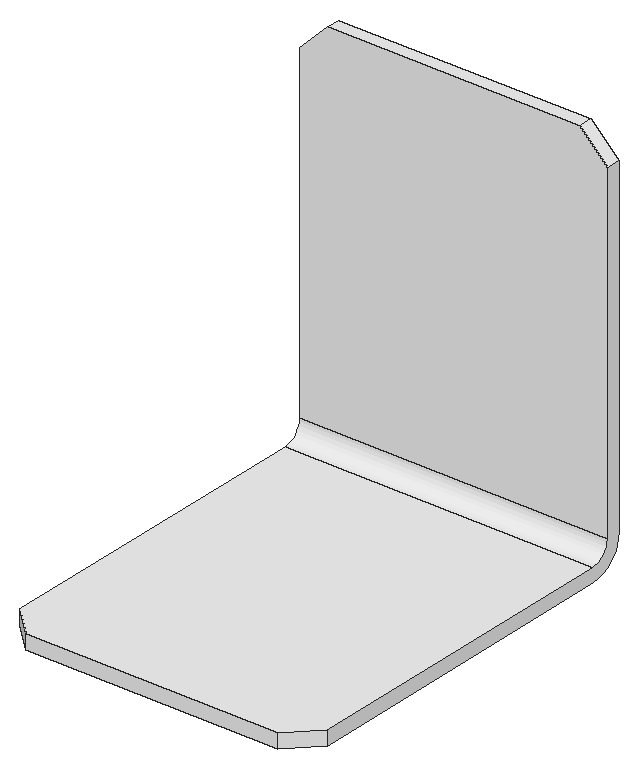
Revit family "JOMA_470", category Structural Connections, host Face, Revit 2012
Parameters (values of type "470M000")
  t = 2.500 mm
  l = 70.000 mm
  h = 70.000 mm
  b = 55.000 mm
  Vikt = "0,132"
  Utan förstärkning = not(Med förstärkning)  # no
  Typ = "VINKEL 470M000"
  Spikmönster α꞊0° [instance] = no
  Spikmönster Bult α꞊0° [instance] = no
  Spik/skruv [instance] = "ANKARSPIK 4,0x40"
  Med förstärkning = yes
  Material = Varmförzinkad stålplåt
  Länk Joma Dimensioneringsverktyg = "http://www.joma.se/dimensioneringsverktyg"
  Default Elevation = 0.000 mm
  Bult (betong) [instance] = "BULT M10"
  Antal spik/skruv i virkesdel B [instance] = if(and(Spikmönster α꞊0°, Med förstärkning), 6, if(and(Spikmönster Bult α꞊0°, Med förstärkning), 1, if(and(Spikmönster α꞊0°, Utan förstärkning), 6, if(and(Spikmönster Bult α꞊0°, Utan förstärkning), 1, 0))))  # 0
  Antal spik/skruv i virkesdel A [instance] = if(and(Spikmönster α꞊0°, Med förstärkning), 4, if(and(Spikmönster Bult α꞊0°, Med förstärkning), 4, if(and(Spikmönster α꞊0°, Utan förstärkning), 4, if(and(Spikmönster Bult α꞊0°, Utan förstärkning), 4, 0))))  # 0
  470 Spikmönster α꞊0° [instance] = and(Spikmönster α꞊0°, not(Spikmönster Bult α꞊0°))  # no
  470 Spikmönster Bult α꞊0° [instance] = and(Spikmönster Bult α꞊0°, not(Spikmönster α꞊0°))  # no
Types (4, lengths in mm): name | t | Vikt | Utan förstärkning | Typ | Med förstärkning
  470U000 | 2.500 | "0,13" | yes | "VINKEL 470U000" | no
  470M000 | 2.500 | "0,132" | no | "VINKEL 470M000" | yes
  470M002 | 2.000 | "0,132" | no | "VINKEL 470M002" | yes
  470U002 | 2.000 | "0,13" | yes | "VINKEL 470U002" | no
Reference planes
  plane 1 "Center (Front/Back)": y = 0
  plane 2: z = 0
  plane 3 "Center (Left/Right)": x = 0
  plane 4: x = -27.5
  plane 5: x = 27.5
  plane 6: y = -70
  plane 7: z = 70
Forms (mm)
  Extrusion 1, solid, material "Varmförzinkad stålplåt" <- "Material"
    sketch origin (0, 0, 0) x (0, 1, 0) y (0, 0, 1)
      loop
        line (0, 70) -> (-2.5, 70) -> (-2.5, 5.702)
        arc (-2.5, 5.702) -> (-3.438, 3.438) -> (-5.702, 2.5) r 3.203
        line (-5.702, 2.5) -> (-70, 2.5) -> (-70, 0) -> (-5.702, 0)
        arc (-5.702, 0) -> (-1.67, 1.67) -> (0, 5.702) r 5.702
        line (0, 5.702) -> (0, 70)
    from -27.5 to 27.5
  Extrusion 2, void
    sketch origin (0, 0, 0) x (1, 0, 0) y (0, 1, 0)
      loop
        line (27.5, -70) -> (27.5, -65) -> (22.5, -70) -> (27.5, -70)
      loop
        line (-27.5, -70) -> (-22.5, -70) -> (-27.5, -65) -> (-27.5, -70)
    from 0 to 2.5 <- "t"
  Extrusion 3, void
    sketch origin (0, 0, 0) x (1, 0, 0) y (0, 0, 1)
      loop
        line (27.5, 70) -> (22.5, 70) -> (27.5, 65) -> (27.5, 70)
      loop
        line (-27.5, 70) -> (-27.5, 65) -> (-22.5, 70) -> (-27.5, 70)
    from 0 to 2.5 <- "t"
Cuts and joins
  Extrusion 2, Extrusion 3 cuts Extrusion 1
Lines and regions (mm)
  symbolic lines, style "StructConnections"
    curve 1: circle (-20, 0, 62.5) r 2.5 normal (0, -1, 0)
    curve 2: circle (0, 0, 62.5) r 2.5 normal (0, -1, 0)
    curve 3: circle (20, 0, 62.5) r 2.5 normal (0, -1, 0)
    curve 4: circle (-15, 0, 33) r 2.5 normal (0, -1, 0)
    curve 5: circle (-20, 0, 14.5) r 2.5 normal (0, -1, 0)
    curve 6: circle (15, 0, 33) r 2.5 normal (0, 1, 0)
    curve 7: circle (20, 0, 14.5) r 2.5 normal (0, 1, 0)
    curve 8: circle (0, 0, 44) r 5.5 normal (0, -1, 0)
    curve 13: circle (-20, -62.5, 0) r 2.5 normal (0, 0, 1)
    curve 14: circle (0, -62.5, 0) r 2.5 normal (0, 0, 1)
    curve 15: circle (20, -62.5, 0) r 2.5 normal (0, 0, 1)
    curve 16: circle (-15, -33, 0) r 2.5 normal (0, 0, 1)
    curve 17: circle (-20, -14.5, 0) r 2.5 normal (0, 0, 1)
    curve 18: circle (15, -33, 0) r 2.5 normal (0, 0, -1)
    curve 19: circle (20, -14.5, 0) r 2.5 normal (0, 0, -1)
    curve 20: circle (0, -44, 0) r 5.5 normal (0, 0, 1)
  symbolic lines, visible <- "Med förstärkning"
    curve 9: arc (-7.755, 0, 2.451) -> (0, 0, 9.418) -> (7.755, 0, 2.451) r 7.8
    curve 10: line (4.85, 0, 29.5) -> (7.755, 0, 2.451)
    curve 11: line (-4.85, 0, 29.5) -> (-7.755, 0, 2.451)
    curve 12: arc (-4.85, 0, 29.5) -> (0, 0, 34.35) -> (4.85, 0, 29.5) r 4.85
    curve 21: line (-7.75, -2.5, 0) -> (-4.85, -29.5, 0)
    curve 22: line (7.75, -2.5, 0) -> (4.85, -29.5, 0)
    curve 23: arc (-4.85, -29.5, 0) -> (0, -34.35, 0) -> (4.85, -29.5, 0) r 4.85
    curve 24: arc (-7.75, -2.5, 0) -> (0, -9.418, 0) -> (7.75, -2.5, 0) r 7.8
    curve 25: line (0, -2.5, 33) -> (0, -8.718, 12.086)
    curve 26: arc (0, -8.718, 12.086) -> (0, -9.975, 9.975) -> (0, -12.086, 8.718) r 5
    curve 27: line (0, -33, 2.5) -> (0, -12.086, 8.718)
Text (mm)
  text "Virkesdel B/Betong" at (200.613, -8.4, 0), in view "Ref. Level"
  text "Virkesdel A" at (237.215, 0, 99.125), in view "Front"
Dimensions and locks
  "b": plane 5 to plane 4
  "l": plane 1 "Center (Front/Back)" to plane 6
  "h": plane 7 to host face
  equal spacing: plane 5, plane 3 "Center (Left/Right)", plane 4
  "t": plane 1 "Center (Front/Back)" to Extrusion 1
  "t": Extrusion 1 to host face
  aligned and locked: plane 2 to host face
  aligned and locked: level to host face
  aligned and locked: plane 5 to Extrusion 1
  aligned and locked: Extrusion 1 to plane 4
  aligned and locked: Extrusion 1 to plane 6
  aligned and locked: plane 7 to Extrusion 1
  aligned and locked: cut or joined group of Extrusion 1, Extrusion 2, Extrusion 3 to curve 25
  aligned and locked: cut or joined group of Extrusion 1, Extrusion 2, Extrusion 3 to curve 27
Automatic sketch dimensions
  host sketch curve to host sketch curve = 2438.400 mm  (x2)
  curve 20 to plane 3 "Center (Left/Right)" = 0.000 mm
  curve 14 to plane 3 "Center (Left/Right)" = 0.000 mm
  curve 24 to plane 3 "Center (Left/Right)" = 0.000 mm
  curve 23 to plane 3 "Center (Left/Right)" = 0.000 mm
  curve 23 to curve 23 = 4.850 mm
  plane 1 "Center (Front/Back)" to curve 24 = 2.500 mm  (x2)
  curve 24 to plane 3 "Center (Left/Right)" = 7.750 mm
  curve 16 to curve 23 = 10.150 mm
  plane 4 to curve 13 = 7.500 mm
  plane 4 to curve 17 = 7.500 mm
  curve 22 to curve 18 = 10.150 mm
  curve 19 to plane 5 = 7.500 mm
  curve 15 to plane 5 = 7.500 mm
  plane 6 to curve 15 = 7.500 mm
  plane 6 to curve 14 = 7.500 mm
  plane 6 to curve 13 = 7.500 mm
  curve 14 to curve 20 = 18.500 mm
  curve 20 to curve 18 = 11.000 mm
  curve 20 to curve 16 = 11.000 mm
  curve 20 to curve 23 = 14.500 mm
  plane 1 "Center (Front/Back)" to curve 17 = 14.500 mm
  plane 1 "Center (Front/Back)" to curve 19 = 14.500 mm
  plane 1 "Center (Front/Back)" to curve 24 = 1.618 mm
  curve 9 to plane 3 "Center (Left/Right)" = 0.000 mm
  curve 12 to plane 3 "Center (Left/Right)" = 0.000 mm
  curve 2 to plane 3 "Center (Left/Right)" = 0.000 mm
  curve 8 to plane 3 "Center (Left/Right)" = 0.000 mm
  curve 11 to curve 12 = 4.850 mm
  level to curve 11 = 2.451 mm
  curve 11 to plane 3 "Center (Left/Right)" = 7.755 mm
  curve 4 to curve 11 = 10.150 mm
  plane 4 to curve 1 = 7.500 mm
  plane 4 to curve 5 = 7.500 mm
  level to curve 9 = 2.451 mm
  curve 10 to curve 6 = 10.150 mm
  curve 7 to plane 5 = 7.500 mm
  curve 3 to plane 5 = 7.500 mm
  level to curve 9 = 1.618 mm
  level to curve 5 = 14.500 mm
  level to curve 7 = 14.500 mm
  curve 5 to curve 12 = 15.000 mm
  curve 11 to curve 4 = 3.500 mm
  curve 10 to curve 6 = 3.500 mm
  curve 12 to curve 8 = 14.500 mm
  curve 3 to plane 7 = 7.500 mm
  curve 2 to plane 7 = 7.500 mm
  curve 1 to plane 7 = 7.500 mm
  Extrusion 1 sketch curve to plane 6 = 0.000 mm
  Extrusion 1 sketch curve to level = 0.000 mm
  Extrusion 1 sketch curve to plane 7 = 0.000 mm
  Extrusion 1 sketch curve to plane 1 "Center (Front/Back)" = 0.000 mm
  plane 1 "Center (Front/Back)" to Extrusion 1 sketch curve = 5.702 mm
  Extrusion 1 sketch curve to Extrusion 1 sketch curve = 0.000 mm  (x3)
  plane 1 "Center (Front/Back)" to Extrusion 1 sketch curve = 2.500 mm
  level to Extrusion 1 sketch curve = 2.500 mm
  Extrusion 2 sketch curve to plane 4 = 0.000 mm
  Extrusion 2 sketch curve to plane 6 = 0.000 mm  (x2)
  Extrusion 2 sketch curve to plane 5 = 0.000 mm
  plane 4 to Extrusion 2 sketch curve = 5.000 mm
  Extrusion 2 sketch curve to plane 5 = 5.000 mm
  Extrusion 2 sketch curve to Extrusion 2 sketch curve = 5.000 mm
  plane 6 to Extrusion 2 sketch curve = 5.000 mm
  Extrusion 3 sketch curve to plane 4 = 0.000 mm
  Extrusion 3 sketch curve to plane 7 = 0.000 mm  (x2)
  Extrusion 3 sketch curve to plane 5 = 0.000 mm
  plane 4 to Extrusion 3 sketch curve = 5.000 mm
  Extrusion 3 sketch curve to Extrusion 3 sketch curve = 5.000 mm
  Extrusion 3 sketch curve to plane 7 = 5.000 mm  (x2)
  plane 1 "Center (Front/Back)" to curve 26 = 13.510 mm
  curve 26 to curve 26 = 1.425 mm
  curve 26 to curve 26 = 3.368 mm  (x2)
  level to curve 26 = 8.718 mm
  curve 25 to curve 25 = 20.914 mm
  curve 27 to curve 26 = 20.914 mm
  radius of curve 13 = 2.500 mm
  radius of curve 14 = 2.500 mm
  radius of curve 15 = 2.500 mm
  radius of curve 16 = 2.500 mm
  radius of curve 17 = 2.500 mm
  radius of curve 18 = 2.500 mm
  radius of curve 19 = 2.500 mm
  radius of curve 20 = 5.500 mm
  radius of curve 1 = 2.500 mm
  radius of curve 2 = 2.500 mm
  radius of curve 3 = 2.500 mm
  radius of curve 4 = 2.500 mm
  radius of curve 5 = 2.500 mm
  radius of curve 6 = 2.500 mm
  radius of curve 7 = 2.500 mm
  radius of curve 8 = 5.500 mm
Nested families
  nested 1: "Spikmönster" at (-20, 0, 62.5) x (1, 0, 0) z (0, -1, 0), visible <- "470 Spikmönster α꞊0°", type "Ø5"
  nested 2: "Spikmönster" at (20, 0, 62.5) x (1, 0, 0) z (0, -1, 0), visible <- "470 Spikmönster α꞊0°", type "Ø5"
  nested 3: "Spikmönster" at (15, 0, 33) x (1, 0, 0) z (0, -1, 0), visible <- "470 Spikmönster α꞊0°", type "Ø5"
  nested 4: "Spikmönster" at (-15, 0, 33) x (1, 0, 0) z (0, -1, 0), visible <- "470 Spikmönster α꞊0°", type "Ø5"
  nested 5: "Spikmönster" at (-20, 0, 62.5) x (1, 0, 0) z (0, -1, 0), visible <- "470 Spikmönster Bult α꞊0°", type "Ø5"
  nested 6: "Spikmönster" at (20, 0, 62.5) x (1, 0, 0) z (0, -1, 0), visible <- "470 Spikmönster Bult α꞊0°", type "Ø5"
  nested 7: "Spikmönster" at (15, 0, 33) x (1, 0, 0) z (0, -1, 0), visible <- "470 Spikmönster Bult α꞊0°", type "Ø5"
  nested 8: "Spikmönster" at (-15, 0, 33) x (1, 0, 0) z (0, -1, 0), visible <- "470 Spikmönster Bult α꞊0°", type "Ø5"
  nested 9: "Spikmönster" at (-20, -14.5, 0), visible <- "470 Spikmönster α꞊0°", type "Ø5"
  nested 10: "Spikmönster" at (20, -14.5, 0), visible <- "470 Spikmönster α꞊0°", type "Ø5"
  nested 11: "Spikmönster" at (15, -33, 0), visible <- "470 Spikmönster α꞊0°", type "Ø5"
  nested 12: "Spikmönster" at (-15, -33, 0), visible <- "470 Spikmönster α꞊0°", type "Ø5"
  nested 13: "Spikmönster" at (-20, -62.5, 0), visible <- "470 Spikmönster α꞊0°", type "Ø5"
  nested 14: "Spikmönster" at (20, -62.5, 0), visible <- "470 Spikmönster α꞊0°", type "Ø5"
  nested 15: "Spikmönster" at (0, -44, 0), visible <- "470 Spikmönster Bult α꞊0°", type "Ø11"
Definition of nested family "Spikmönster"
  Parameters (values of type "Ø11")
    Radie = 5.500 mm
  Types (3, lengths in mm): name | Radie
    (no name) | 5.500
    Ø5 | 2.500
    Ø11 | 5.500
  Reference planes
    plane 1 "Center (Front/Back)": y = 0
    plane 2: z = 0
    plane 3 "Center (Left/Right)": x = 0
  Lines and regions (mm)
    Filled region 1, type "Solid Fill - Black", in view "Ref. Level"
      outline origin (0, 0, 0) x (1, 0, 0) y (0, 1, 0)
        loop
          circle (0, 0) r 5.5
  Dimensions and locks
    "Radie": radius of Filled region 1 sketch curve
  Automatic sketch dimensions
    plane 1 "Center (Front/Back)" to Filled region 1 sketch curve = 0.000 mm
    Filled region 1 sketch curve to plane 3 "Center (Left/Right)" = 0.000 mm
